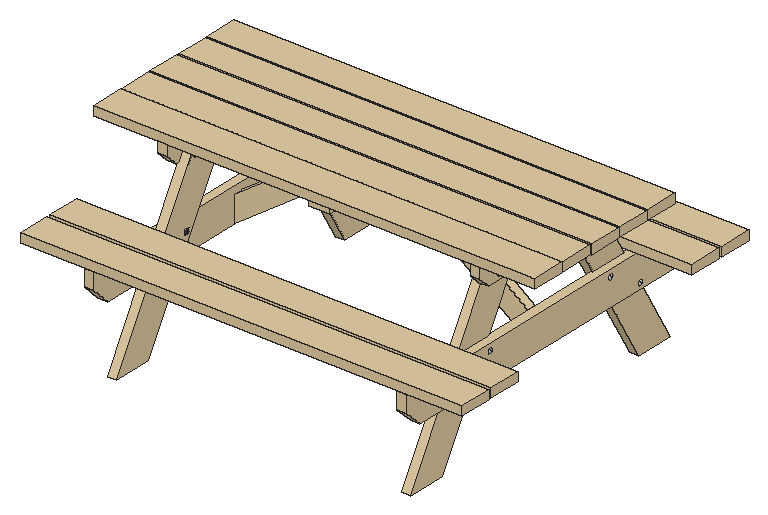
Revit family "Picnic Table", category Site, Revit 2012
Parameters (values of type "6' Picnic Table")
  Mid-Span Support = Length > 72"  # no
  Material = Wood - Dimensional Lumber
  Length = 72"
  Height Table = 30"
  Height Seat = 18"
Types (3): name | Mid-Span Support | Length
  (no name) | no | 72"
  6' Picnic Table | no | 72"
  8' Picnic Table | yes | 96"
Reference planes (in)
  plane 1 "Center (Front/Back)": y = 0
  plane 2: z = 0
  plane 3 "Center (Left/Right)": x = 0
  plane 4: z = 30
  plane 5: z = 18
  plane 6: y = -14.25
  plane 7: y = 14.25
  plane 8: y = -13.25
  plane 9: y = 13.25
  plane 10: x = -36
  plane 11: x = 36
  plane 12: x = -24
  plane 13: x = -25.5
  plane 14: x = 1.75
  plane 15: x = -1.75
  plane 16: x = 24
  plane 17: x = 25.5
Forms (in)
  Extrusion 1, solid, material "Wood - Dimensional Lumber" <- "Material"
    sketch origin (0, 0, 0) x (1, 0, 0) y (0, 0, 1)
      loop
        line (-24, 11) -> (-1.75, 27) -> (-1.75, 28.5) -> (-5.65902, 28.5) -> (-24, 15.31098) -> (-24, 11)
    from -0.75 to 0.75
  Extrusion 2, solid, material "Wood - Dimensional Lumber" <- "Material"
    sketch origin (0, 0, 0) x (-1, 0, 0) y (0, 0, -1)
      loop
        line (-24, -11) -> (-24, -15.31098) -> (-5.65902, -28.5) -> (-1.75, -28.5) -> (-1.75, -27) -> (-24, -11)
    from -0.75 to 0.75
  Extrusion 3, solid, material "Wood - Dimensional Lumber" <- "Material"
    sketch origin (0, 0, 0) x (0, 1, 0) y (0, 0, 1)
      loop
        line (-29.25, 18) -> (-29.25, 16.5) -> (-23.75, 16.5) -> (-23.75, 18) -> (-29.25, 18)
    from -36 to 36
  Extrusion 4, solid, material "Wood - Dimensional Lumber" <- "Material"
    sketch origin (0, 6, 0) x (0, 1, 0) y (0, 0, 1)
      loop
        line (-29.25, 18) -> (-29.25, 16.5) -> (-23.75, 16.5) -> (-23.75, 18) -> (-29.25, 18)
    from -36 to 36
  Extrusion 5, solid, material "Wood - Dimensional Lumber" <- "Material"
    sketch origin (0, 15, 12) x (0, 1, 0) y (0, 0, 1)
      loop
        line (-29.25, 18) -> (-29.25, 16.5) -> (-23.75, 16.5) -> (-23.75, 18) -> (-29.25, 18)
    from -36 to 36
  Extrusion 6, solid, material "Wood - Dimensional Lumber" <- "Material"
    sketch origin (0, 20.75, 12) x (0, 1, 0) y (0, 0, 1)
      loop
        line (-29.25, 18) -> (-29.25, 16.5) -> (-23.75, 16.5) -> (-23.75, 18) -> (-29.25, 18)
    from -36 to 36
  Extrusion 7, solid, material "Wood - Dimensional Lumber" <- "Material"
    sketch origin (0, 26.5, 12) x (0, 1, 0) y (0, 0, 1)
      loop
        line (-29.25, 18) -> (-29.25, 16.5) -> (-23.75, 16.5) -> (-23.75, 18) -> (-29.25, 18)
    from -36 to 36
  Extrusion 8, solid, material "Wood - Dimensional Lumber" <- "Material"
    sketch origin (0, 32.25, 12) x (0, 1, 0) y (0, 0, 1)
      loop
        line (-29.25, 18) -> (-29.25, 16.5) -> (-23.75, 16.5) -> (-23.75, 18) -> (-29.25, 18)
    from -36 to 36
  Extrusion 9, solid, material "Wood - Dimensional Lumber" <- "Material"
    sketch origin (0, 38, 12) x (0, 1, 0) y (0, 0, 1)
      loop
        line (-29.25, 18) -> (-29.25, 16.5) -> (-23.75, 16.5) -> (-23.75, 18) -> (-29.25, 18)
    from -36 to 36
  Extrusion 10, solid, material "Wood - Dimensional Lumber" <- "Material"
    sketch origin (0, 47, 0) x (0, 1, 0) y (0, 0, 1)
      loop
        line (-29.25, 18) -> (-29.25, 16.5) -> (-23.75, 16.5) -> (-23.75, 18) -> (-29.25, 18)
    from -36 to 36
  Extrusion 11, solid, material "Wood - Dimensional Lumber" <- "Material"
    sketch origin (0, 53, 0) x (0, 1, 0) y (0, 0, 1)
      loop
        line (-29.25, 18) -> (-29.25, 16.5) -> (-23.75, 16.5) -> (-23.75, 18) -> (-29.25, 18)
    from -36 to 36
Lines and regions (in)
  model lines
    curve 1: line (0, -3.64915, 28.5) -> (0, -10, 28.5)
Dimensions and locks (in)
  "Height Seat": plane 5 to level
  "Height Table": plane 4 to level
  "Length": plane 11 to plane 10
  equal spacing: plane 11, plane 3 "Center (Left/Right)", plane 10
  plane 15 to plane 12 to plane 13 to plane 10 = 22 1/4" locked, 1 1/2" locked, 10 1/2" locked
  plane 14 to plane 16 to plane 17 to plane 11 = 22 1/4" locked, 1 1/2" locked, 10 1/2" locked
  aligned and locked: plane 2 to level
  aligned and locked: Extrusion 3 to plane 10
  aligned and locked: Extrusion 4 to plane 10
  aligned and locked: Extrusion 5 to plane 10
  aligned and locked: Extrusion 6 to plane 10
  aligned and locked: Extrusion 7 to plane 10
  aligned and locked: Extrusion 8 to plane 10
  aligned and locked: Extrusion 9 to plane 10
  aligned and locked: Extrusion 10 to plane 10
  aligned and locked: Extrusion 11 to plane 10
  aligned and locked: Extrusion 11 to plane 11
  aligned and locked: Extrusion 10 to plane 11
  aligned and locked: Extrusion 9 to plane 11
  aligned and locked: Extrusion 8 to plane 11
  aligned and locked: Extrusion 7 to plane 11
  aligned and locked: Extrusion 6 to plane 11
  aligned and locked: Extrusion 5 to plane 11
  aligned and locked: Extrusion 4 to plane 11
  aligned and locked: Extrusion 3 to plane 11
  aligned and locked: nested 1 to plane 14
  aligned and locked: nested 20 to plane 15
  aligned and locked: plane 15 to Extrusion 1
  aligned and locked: Extrusion 1 to plane 12
  aligned and locked: Extrusion 2 to plane 16
  aligned and locked: plane 13 to nested 18
  aligned and locked: plane 13 to nested 12
  aligned and locked: plane 13 to nested 17
  aligned and locked: plane 13 to nested 15
  aligned and locked: plane 13 to nested 16
  aligned and locked: plane 13 to nested 14
  aligned and locked: plane 13 to nested 19
  aligned and locked: plane 13 to nested 13
  aligned and locked: plane 12 to nested 2
  aligned and locked: nested 3 to plane 17
  aligned and locked: nested 25 to plane 12
  aligned and locked: nested 24 to plane 12
  aligned and locked: plane 12 to nested 23
  aligned and locked: nested 26 to plane 17
  aligned and locked: nested 28 to plane 17
  aligned and locked: plane 17 to nested 27
Automatic sketch dimensions
  curve 1 to plane 4 = 1 1/2"
  plane 8 to curve 1 = 3 1/4"
  plane 1 "Center (Front/Back)" to curve 1 = 3.64915"
  Extrusion 3 sketch curve to plane 5 = 0"
  Extrusion 3 sketch curve to plane 5 = 1 1/2"
  Extrusion 3 sketch curve to plane 6 = 15"
  Extrusion 3 sketch curve to Extrusion 3 sketch curve = 5 1/2"
  Extrusion 4 sketch curve to plane 5 = 0"
  Extrusion 4 sketch curve to plane 5 = 1 1/2"
  Extrusion 4 sketch curve to plane 6 = 9"
  Extrusion 4 sketch curve to plane 6 = 3 1/2"
  Extrusion 5 sketch curve to plane 6 = 0"
  Extrusion 5 sketch curve to plane 4 = 0"
  Extrusion 5 sketch curve to plane 4 = 1 1/2"
  plane 8 to Extrusion 5 sketch curve = 4 1/2"
  Extrusion 6 sketch curve to plane 4 = 0"
  Extrusion 6 sketch curve to plane 4 = 1 1/2"
  plane 8 to Extrusion 6 sketch curve = 4 3/4"
  plane 1 "Center (Front/Back)" to Extrusion 6 sketch curve = 3"
  Extrusion 7 sketch curve to plane 4 = 0"
  plane 1 "Center (Front/Back)" to Extrusion 7 sketch curve = 2 3/4"
  Extrusion 7 sketch curve to plane 1 "Center (Front/Back)" = 2 3/4"
  Extrusion 7 sketch curve to plane 4 = 1 1/2"
  Extrusion 8 sketch curve to plane 4 = 0"
  Extrusion 8 sketch curve to plane 1 "Center (Front/Back)" = 3"
  Extrusion 8 sketch curve to plane 4 = 1 1/2"
  plane 9 to Extrusion 8 sketch curve = 4 3/4"
  Extrusion 9 sketch curve to plane 4 = 0"
  Extrusion 9 sketch curve to plane 7 = 0"
  plane 9 to Extrusion 9 sketch curve = 4 1/2"
  Extrusion 9 sketch curve to plane 4 = 1 1/2"
  Extrusion 10 sketch curve to plane 5 = 0"
  Extrusion 10 sketch curve to plane 5 = 1 1/2"
  plane 7 to Extrusion 10 sketch curve = 3 1/2"
  Extrusion 10 sketch curve to Extrusion 10 sketch curve = 5 1/2"
  Extrusion 11 sketch curve to plane 5 = 0"
  Extrusion 11 sketch curve to plane 5 = 1 1/2"
  plane 7 to Extrusion 11 sketch curve = 9 1/2"
  Extrusion 11 sketch curve to Extrusion 11 sketch curve = 5 1/2"
  Extrusion 1 sketch curve to plane 12 = 0"
  Extrusion 1 sketch curve to plane 15 = 0"
  Extrusion 1 sketch curve to plane 4 = 1 1/2"
  Extrusion 1 sketch curve to plane 15 = 3.90902"
  Extrusion 1 sketch curve to Extrusion 1 sketch curve = 1 1/2"
  Extrusion 1 sketch curve to plane 5 = 2.68902"
  Extrusion 1 sketch curve to Extrusion 1 sketch curve = 4.31098"
  plane 16 to Extrusion 2 sketch curve = 0"
  plane 14 to Extrusion 2 sketch curve = 0"
  plane 4 to Extrusion 2 sketch curve = 1 1/2"
  plane 14 to Extrusion 2 sketch curve = 3.90902"
  Extrusion 2 sketch curve to Extrusion 2 sketch curve = 1 1/2"
  plane 5 to Extrusion 2 sketch curve = 2.68902"
  Extrusion 2 sketch curve to Extrusion 2 sketch curve = 4.31098"
Nested families (in)
  nested 1: "Dimension Lumber" at (0, 0, 27.75) x (0, -1, 0) z (1, 0, 0), Beam Material <- "Material", type "2x4"
    with Start Extension Calculation 119", Start Extension -1", built-in parameter 1001375 60", End Extension Calculation 119", End Extension -1", Beam Material Wood - Dimensional Lumber, A 0.0364583 SF, d 3 1/2"
  nested 2: "Picnic Table Bench Support" at (-49.5, 0, 0), type "Picnic Table Bench Support"
  nested 3: "Picnic Table Bench Support" at (51, 0, 0) x (-1, 0, 0) z (0, 0, 1), type "Picnic Table Bench Support"
  nested 4: "Carriage Bolt Assembly" at (27, 12.55045, 15.21273) x (0, -0.6428, 0.766) z (1, 0, 0), type "3/8"Ø Carriage Bolt"
    with Grip 2.58888", Bolt Material Metal - Galvanized, LH 3.474", L 3 1/4"
  nested 5: "Carriage Bolt Assembly" at (27, 18.61262, 11.71273) x (0, -0.6428, 0.766) z (1, 0, 0), type "3/8"Ø Carriage Bolt"
    with Grip 2.58888", Bolt Material Metal - Galvanized, LH 3.474", L 3 1/4"
  nested 6: "Carriage Bolt Assembly" at (27, 5.62224, 27.21273) x (0, -0.6428, 0.766) z (1, 0, 0), type "3/8"Ø Carriage Bolt"
    with Grip 2.58888", Bolt Material Metal - Galvanized, LH 3.474", L 3 1/4"
  nested 7: "Carriage Bolt Assembly" at (27, 10.52972, 25.71273) x (0, -0.6428, 0.766) z (1, 0, 0), type "3/8"Ø Carriage Bolt"
    with Grip 2.58888", Bolt Material Metal - Galvanized, LH 3.474", L 3 1/4"
  nested 8: "Carriage Bolt Assembly" at (27, -5.14015, 27.21273) x (0, -0.6428, 0.766) z (1, 0, 0), type "3/8"Ø Carriage Bolt"
    with Grip 2.58888", Bolt Material Metal - Galvanized, LH 3.474", L 3 1/4"
  nested 9: "Carriage Bolt Assembly" at (27, -10.04763, 25.71273) x (0, -0.6428, 0.766) z (1, 0, 0), type "3/8"Ø Carriage Bolt"
    with Grip 2.58888", Bolt Material Metal - Galvanized, LH 3.474", L 3 1/4"
  nested 10: "Carriage Bolt Assembly" at (27, -12.06836, 15.21273) x (0, -0.6428, 0.766) z (1, 0, 0), type "3/8"Ø Carriage Bolt"
    with Grip 2.58888", Bolt Material Metal - Galvanized, LH 3.474", L 3 1/4"
  nested 11: "Carriage Bolt Assembly" at (27, -18.13053, 11.71273) x (0, -0.6428, 0.766) z (1, 0, 0), type "3/8"Ø Carriage Bolt"
    with Grip 2.58888", Bolt Material Metal - Galvanized, LH 3.474", L 3 1/4"
  nested 12: "Carriage Bolt Assembly" at (-25.5, 12.55045, 15.21273) x (0, -0.6428, 0.766) z (-1, 0, 0), type "3/8"Ø Carriage Bolt"
    with Grip 2.58888", Bolt Material Metal - Galvanized, LH 3.474", L 3 1/4"
  nested 13: "Carriage Bolt Assembly" at (-25.5, 18.61262, 11.71273) x (0, -0.6428, 0.766) z (-1, 0, 0), type "3/8"Ø Carriage Bolt"
    with Grip 2.58888", Bolt Material Metal - Galvanized, LH 3.474", L 3 1/4"
  nested 14: "Carriage Bolt Assembly" at (-25.5, 5.62224, 27.21273) x (0, -0.6428, 0.766) z (-1, 0, 0), type "3/8"Ø Carriage Bolt"
    with Grip 2.58888", Bolt Material Metal - Galvanized, LH 3.474", L 3 1/4"
  nested 15: "Carriage Bolt Assembly" at (-25.5, 10.52972, 25.71273) x (0, -0.6428, 0.766) z (-1, 0, 0), type "3/8"Ø Carriage Bolt"
    with Grip 2.58888", Bolt Material Metal - Galvanized, LH 3.474", L 3 1/4"
  nested 16: "Carriage Bolt Assembly" at (-25.5, -5.14015, 27.21273) x (0, -0.6428, 0.766) z (-1, 0, 0), type "3/8"Ø Carriage Bolt"
    with Grip 2.58888", Bolt Material Metal - Galvanized, LH 3.474", L 3 1/4"
  nested 17: "Carriage Bolt Assembly" at (-25.5, -10.04763, 25.71273) x (0, -0.6428, 0.766) z (-1, 0, 0), type "3/8"Ø Carriage Bolt"
    with Grip 2.58888", Bolt Material Metal - Galvanized, LH 3.474", L 3 1/4"
  nested 18: "Carriage Bolt Assembly" at (-25.5, -12.06836, 15.21273) x (0, -0.6428, 0.766) z (-1, 0, 0), type "3/8"Ø Carriage Bolt"
    with Grip 2.58888", Bolt Material Metal - Galvanized, LH 3.474", L 3 1/4"
  nested 19: "Carriage Bolt Assembly" at (-25.5, -18.13053, 11.71273) x (0, -0.6428, 0.766) z (-1, 0, 0), type "3/8"Ø Carriage Bolt"
    with Grip 2.58888", Bolt Material Metal - Galvanized, LH 3.474", L 3 1/4"
  nested 20: "Dimension Lumber" at (0, 0, 27.75) x (0, -1, 0) z (1, 0, 0), Beam Material <- "Material", type "2x4"
    with Start Extension Calculation 119", Start Extension -1", built-in parameter 1001375 60", End Extension Calculation 119", End Extension -1", Beam Material Wood - Dimensional Lumber, A 0.0364583 SF, d 3 1/2"
  nested 21: "Dimension Lumber" at (0, -23.5, 15.75) x (0, -1, 0) z (1, 0, 0), Beam Material <- "Material", visible <- "Mid-Span Support", type "2x4"
    with Start Extension Calculation 119 1/2", Start Extension -1/2", built-in parameter 1001375 60", End Extension Calculation 119 1/2", End Extension -1/2", Beam Material Wood - Dimensional Lumber, A 0.0364583 SF, d 3 1/2"
  nested 22: "Dimension Lumber" at (0, 23.5, 15.75) x (0, 1, 0) z (-1, 0, 0), Beam Material <- "Material", visible <- "Mid-Span Support", type "2x4"
    with Start Extension Calculation 119 1/2", Start Extension -1/2", built-in parameter 1001375 60", End Extension Calculation 119 1/2", End Extension -1/2", Beam Material Wood - Dimensional Lumber, A 0.0364583 SF, d 3 1/2"
  nested 23: "Picnic Table Table Support" at (0, 0, 0), type "Picnic Table Table Support"
  nested 24: "Picnic Table Leg" at (0, 0, 0), type "Picnic Table Leg"
  nested 25: "Picnic Table Leg" at (0, 0, 0), type "Picnic Table Leg"
  nested 26: "Picnic Table Table Support" at (1.5, 0, 0) x (-1, 0, 0) z (0, 0, 1), type "Picnic Table Table Support"
  nested 27: "Picnic Table Leg" at (1.5, 0, 0) x (-1, 0, 0) z (0, 0, 1), type "Picnic Table Leg"
  nested 28: "Picnic Table Leg" at (1.5, 0, 0) x (-1, 0, 0) z (0, 0, 1), type "Picnic Table Leg"
Definition of nested family "Dimension Lumber"
  Parameters (values of type "2x10")
    Start Extension Calculation [instance] = 120" + Start Extension  # 120"
    Start Extension [instance] = 0"
    End Extension Calculation [instance] = 120" + End Extension  # 120"
    End Extension [instance] = 0"
    Beam Material [instance] = Wood - Dimensional Lumber
    A = 0.0963889 SF
    Assembly Code = "B10"
    Length [instance] = 60"
    b = 1 1/2"
    d = 9 1/4"
  Types (2): name | A | d
    2x10 | 0.0963889 SF | 9 1/4"
    2x12 | 0.117222 SF | 11 1/4"
  Reference planes (in)
    plane 1 "Center (Front/Back)": y = 0
    plane 2: z = 0
    plane 3 "Center (Left/Right)": x = 0.1815
    plane 4 "Member Left": x = -23.8185
    plane 5 "Member Right": x = 24.1815
    plane 6: y = 0.75
    plane 7: y = -0.75
    plane 8: z = 4.625
    plane 9: z = -4.625
    plane 10 "Left": x = -29.8185
    plane 11 "Stick Symbol Left": x = -17.8185
    plane 12 "Stick Symbol Right": x = 18.1815
    plane 13 "Right": x = 30.1815
    plane 14: x = -23.8185
    plane 15: x = 24.1815
    plane 16: x = 96.1815
    plane 17: x = -95.8185
  Forms (in)
    Sweep 1, solid, material "Wood - Dimensional Lumber" <- "Beam Material", detail levels medium+fine
      path origin (0, 0, 0) x (1, 0, 0) y (0, 1, 0)
        loop
          line (24.1815, 0) -> (-23.8185, 0)
      profile "Rectangular Wood Beam-Profile : Rectangular Wood Beam-Profile" origin (0.1815, 0, 0) x (0, -1, 0) y (0, 0, 1)
        loop
          line (-0.75, -4.625) -> (0.75, -4.625) -> (0.75, 4.625) -> (-0.75, 4.625) -> (-0.75, -4.625)
  Lines and regions (in)
    symbolic lines, style "Stick Symbols", detail levels coarse
      curve 1: line (0.1815, 0.75, 4.625) -> (0.1815, -0.75, 4.625)
      curve 2: line (0.1815, -0.75, -4.625) -> (0.1815, 0.75, -4.625)
      curve 3: line (0.1815, -0.75, 4.625) -> (0.1815, -0.75, -4.625)
      curve 4: line (0.1815, 0.75, -4.625) -> (0.1815, 0.75, 4.625)
  Dimensions and locks (in)
    "b": plane 6 to plane 7
    "d": plane 9 to plane 8
    equal spacing: plane 9, plane 2, plane 8
    equal spacing: plane 6, plane 1 "Center (Front/Back)", plane 7
    "Length": plane 10 "Left" to plane 13 "Right"
    locked: plane 4 "Member Left" to plane 16 at 120
    locked: plane 17 to plane 5 "Member Right" at 120
    "Start Extension Calculation": plane 14 to plane 16
    "End Extension Calculation": plane 17 to plane 15
    aligned and locked: Sweep 1 sketch curve to plane 1 "Center (Front/Back)"
    aligned and locked: curve 1 to Sweep 1
    aligned and locked: curve 2 to Sweep 1
    aligned and locked: curve 3 to Sweep 1
    aligned and locked: curve 4 to Sweep 1
    aligned and locked: plane 14 to Sweep 1 sketch curve
    aligned and locked: plane 15 to Sweep 1 sketch curve
Definition of nested family "Picnic Table Bench Support"
  Parameters (values of type "Picnic Table Bench Support")
    Material = Wood - Dimensional Lumber
    Height Table = 30"
    Height Seat = 18"
  Reference planes (in)
    plane 1 "Center (Front/Back)": y = 0
    plane 2: z = 0
    plane 3 "Center (Left/Right)": x = 0
    plane 4: z = 30
    plane 5: z = 18
    plane 6: x = -36
    plane 7: x = 36
    plane 8: y = -14.25
    plane 9: y = 14.25
  Forms (in)
    Extrusion 1, solid, material "Wood - Dimensional Lumber" <- "Material"
      sketch origin (24, 0, 0) x (0, 1, 0) y (0, 0, 1)
        loop
          line (-26.5, 11) -> (25.97268, 11) -> (29.25, 13.75) -> (29.25, 16.5) -> (-29.25, 16.5) -> (-29.25, 13.75) -> (-26.5, 11)
      from 0 to 1.5
    Extrusion 2, void
      sketch origin (25.5, 3.19692, 1.63928) x (0, -1, 0) y (0, 0, 1)
        loop
          circle (15.50632, 13.86072) r 0.21875
      from 0 to 1.5
    Extrusion 3, void
      sketch origin (25.5, -3.85234, 1.50937) x (0, -1, 0) y (0, 0, 1)
        loop
          circle (-16.16174, 13.99063) r 0.21875
      from 0 to 1.5
    Extrusion 4, void
      sketch origin (25.5, -2.86526, -1.86072) x (0, -1, 0) y (0, 0, 1)
        loop
          circle (15.50632, 13.86072) r 0.21875
      from 0 to 1.5
    Extrusion 5, void
      sketch origin (25.5, 2.86526, -1.86072) x (0, 1, 0) y (0, 0, -1)
        loop
          circle (15.50632, -13.86072) r 0.21875
      from 0 to 1.5
  Cuts and joins
    Extrusion 2, Extrusion 3, Extrusion 4, Extrusion 5 cuts Extrusion 1
  Dimensions and locks (in)
    "Height Seat": plane 5 to level
    "Height Table": plane 4 to level
    plane 7 to plane 6 = 72"
    equal spacing: plane 7, plane 3 "Center (Left/Right)", plane 6
    aligned and locked: plane 2 to level
  Automatic sketch dimensions
    Extrusion 1 sketch curve to plane 5 = 4 1/4"  (x2)
    Extrusion 1 sketch curve to plane 8 = 15"
    Extrusion 1 sketch curve to Extrusion 1 sketch curve = 2 3/4"
    plane 9 to Extrusion 1 sketch curve = 11.72268"
    Extrusion 1 sketch curve to Extrusion 1 sketch curve = 3.27732"
    Extrusion 1 sketch curve to plane 5 = 7"
    Extrusion 1 sketch curve to plane 5 = 1 1/2"
    Extrusion 1 to Extrusion 2 sketch curve = 1"
    Extrusion 1 to Extrusion 2 sketch curve = 16.9406"
    Extrusion 1 to Extrusion 3 sketch curve = 1"
    Extrusion 1 to Extrusion 3 sketch curve = 16.9406"
    Extrusion 1 to Extrusion 4 sketch curve = 1"
    Extrusion 1 to Extrusion 4 sketch curve = 10.87842"
    Extrusion 1 to Extrusion 5 sketch curve = 1"
    Extrusion 1 to Extrusion 5 sketch curve = 10.87842"
    radius of Extrusion 2 sketch curve = 7/32"
    radius of Extrusion 3 sketch curve = 7/32"
    radius of Extrusion 4 sketch curve = 7/32"
    radius of Extrusion 5 sketch curve = 7/32"
Definition of nested family "Carriage Bolt Assembly"
  Parameters (values of type "A325 1/2"Ø BOLT")
    WC = 0.083"
    WB = 1"
    NH = 0.328"
    HD/2 = HD / 2  # 0.422"
    HD = 0.844"
    Bolt Material [instance] = none
    Bolt Diameter = 3/8"
    LH = L + H + 0.016"  # 1.224"
    L = 1"
    H = 0.208"
    Grip [instance] = 3/8"
    F/2 = F / 2  # 0.2815"
    D = 0.388"
    F = 0.563"
    C/2 = C / 2  # 0.32505"
    C = (F / 2) / cos(30.00°) * 2  # 0.6501"
    Assembly Code = ""
    D/2 = D * 0.5  # 0.194"
    WA = 0.438"
  Reference planes (in)
    plane 1 "Center (Front/Back)": y = 0
    plane 2: z = 0
    plane 3 "Center (Left/Right)": x = 0.375
    plane 4: x = 0.181
    plane 5: x = 0.569
    plane 6: x = 0.0935
    plane 7: x = 0.6565
    plane 8: through (0.375, 0, 48) normal (0.5, -0.866, 0)
    plane 9: through (0.375, 0, 48) normal (0.5, 0.866, 0)
    plane 10: y = -0.32505
    plane 11: y = 0.32505
    plane 12: y = 0.42505
    plane 13: z = 0.224
    plane 14: z = -1
    plane 15: z = -0.375
  Dimensions and locks (in)
    "D": plane 4 to plane 5
    "F": plane 6 to plane 7
    equal spacing: plane 6, plane 3 "Center (Left/Right)", plane 7
    equal spacing: plane 4, plane 3 "Center (Left/Right)", plane 5
    "C": plane 10 to plane 11
    equal spacing: plane 10, plane 1 "Center (Front/Back)", plane 11
    locked: plane 11 to plane 12 at 0.1
    "LH": plane 13 to plane 14
    "L": plane 2 to plane 14
    "Grip": plane 2 to plane 15
    aligned and locked: plane 2 to level
    aligned and locked: plane 15 to nested 1
    aligned and locked: plane 3 "Center (Left/Right)" to nested 2
    aligned and locked: plane 1 "Center (Front/Back)" to nested 2
    aligned and locked: nested 2 to nested 1
    aligned and locked: plane 3 "Center (Left/Right)" to nested 3
    aligned and locked: plane 1 "Center (Front/Back)" to nested 3
    aligned and locked: plane 2 to nested 3
  Nested families (in)
    nested 1: "Washer" at (0, 0, -0.458), Washer Material <- "Bolt Material", type "3/4"Ø Washer"
      with Washer Material none, WC 0.083", WB/2 1/2", WB 1", WA/2 0.219", WA 0.438"
    nested 2: "Hex Nut" at (0.375, 0.375, -0.458) x (0, -1, 0) z (0, 0, -1), Nut Material <- "Bolt Material", type "3/4"Ø Nut"
      with Nut Material none, Nut Diameter 3/8", NH 0.328", NF/2 0.2815", NF 0.563", ND/2 0.194", ND 0.388", NC/2 0.32505", NC 0.6501"
    nested 3: "Carriage Bolt" at (0, 0, 0), Bolt Material <- "Bolt Material", type "A325 3/4"Ø BOLT"
  Definition of nested family "Washer"
    Parameters (values of type "3/4"Ø Washer")
      Washer Material [instance] = none
      Washer Diameter = 3/4"
      WC = 0.148"
      WB/2 = WB / 2  # 1"
      WB = 2"
      WA/2 = WA / 2  # 0.4065"
      WA = 0.813"
      Assembly Code = ""
    Types (5): name | Washer Diameter | WC | WB/2 | WB | WA/2 | WA
      3/4"Ø Washer | 3/4" | 0.148" | 1" | 2" | 0.4065" | 0.813"
      1/2"Ø Washer | 1/2" | 0.109" | 11/16" | 1 3/8" | 0.2815" | 0.563"
      3/8"Ø Washer | 3/8" | 0.083" | 1/2" | 1" | 0.219" | 0.438"
      1"Ø Washer | 1" | 0.165" | 1 1/4" | 2 1/2" | 0.5315" | 1.063"
      7/8"Ø Washer | 7/8" | 0.165" | 1 1/8" | 2 1/4" | 0.469" | 0.938"
    Reference planes (in)
      plane 1 "Center (Front/Back)": y = 0
      plane 2: z = 0
      plane 3 "Center (Left/Right)": x = 0.375
      plane 4: x = -0.625
      plane 5: x = 1.375
      plane 6: x = -0.0315
      plane 7: x = 0.7815
      plane 8: z = 0.148
    Forms (in)
      Extrusion 1, solid, material <- "Washer Material"
        sketch origin (0, 0, 0) x (1, 0, 0) y (0, 1, 0)
          loop
            circle (0.375, 0) r 1
          loop
            circle (0.375, 0) r 0.4065
        from 0 to 0.148 <- "WC"
    Dimensions and locks (in)
      "WB": plane 4 to plane 5
      "WA": plane 6 to plane 7
      equal spacing: plane 6, plane 3 "Center (Left/Right)", plane 7
      equal spacing: plane 4, plane 3 "Center (Left/Right)", plane 5
      "WC": plane 8 to plane 2
      "WA/2": radius of Extrusion 1 sketch curve
      "WB/2": radius of Extrusion 1 sketch curve
      aligned and locked: plane 2 to level
    Automatic sketch dimensions
      Extrusion 1 sketch curve to Extrusion 1 sketch curve = 0"  (x2)
      plane 1 "Center (Front/Back)" to Extrusion 1 sketch curve = 0"
      Extrusion 1 sketch curve to plane 3 "Center (Left/Right)" = 0"
  Definition of nested family "Hex Nut"
    Parameters (values of type "3/4"Ø Nut")
      Nut Material [instance] = none
      Nut Diameter = 3/4"
      NH = 0.734"
      NF/2 = NF / 2  # 5/8"
      NF = 1 1/4"
      ND/2 = ND * 0.5  # 0.384"
      ND = 0.768"
      NC/2 = NC / 2  # 0.72169"
      NC = (NF / 2) / cos(30.00°) * 2  # 1.44338"
      Assembly Code = ""
    Reference planes (in)
      plane 1 "Center (Front/Back)": y = 0
      plane 2: z = 0
      plane 3 "Center (Left/Right)": x = 0.375
      plane 4: x = -0.009
      plane 5: x = 0.759
      plane 6: x = -0.25
      plane 7: x = 1
      plane 8: through (0.375, 0, 48) normal (0.5, -0.866, 0)
      plane 9: through (0.375, 0, 48) normal (0.5, 0.866, 0)
      plane 10: z = 0.734
      plane 11: y = 0.72169
      plane 12: y = -0.72169
    Forms (in)
      Extrusion 1, solid, material <- "Nut Material"
        sketch origin (0, 0, 0.016) x (1, 0, 0) y (0, 1, 0)
          loop
            line (-0.25, -0.36084) -> (0.375, -0.72169) -> (1, -0.36084) -> (1, 0.36084) -> (0.375, 0.72169) -> (-0.25, 0.36084) -> (-0.25, -0.36084)
          loop
            circle (0.375, 0) r 0.384
        from -0.016 to 0.718
      Revolve 2, void
        sketch origin (0.375, 0, 0) x (0, 1, 0) y (0, 0, 1)
          loop
            line (0.72169, 0) -> (0.72169, 0.1)
            arc (0.72169, 0.1) -> (0.6924, 0.02929) -> (0.62169, 0) r 0.1
            line (0.62169, 0) -> (0.72169, 0)
          axis (0, 0) -> (0, 0.1)
        angle from 0 to 360
      Revolve 3, void
        sketch origin (0.375, 0, 0) x (0, 1, 0) y (0, 0, 1)
          loop
            arc (0.62169, 0.734) -> (0.6924, 0.70471) -> (0.72169, 0.634) r 0.1
            line (0.72169, 0.634) -> (0.72169, 0.734) -> (0.62169, 0.734)
          axis (0, 0.634) -> (0, 0.734)
        angle from 0 to 360
    Cuts and joins
      Revolve 2, Revolve 3 cuts Extrusion 1
    Dimensions and locks (in)
      "ND": plane 4 to plane 5
      "NF": plane 6 to plane 7
      equal spacing: plane 6, plane 3 "Center (Left/Right)", plane 7
      equal spacing: plane 4, plane 3 "Center (Left/Right)", plane 5
      "NC/2": plane 1 "Center (Front/Back)" to plane 11
      "NC/2": plane 12 to plane 1 "Center (Front/Back)"
      "NC/2": Revolve 2 sketch curve to Revolve 2 sketch curve
      "NC/2": Revolve 3 sketch curve to Revolve 3 sketch curve
      "NH": plane 10 to level
      "ND/2": radius of Extrusion 1 sketch curve
      radius of Revolve 2 sketch curve = 0.1"
      radius of Revolve 3 sketch curve = 0.1"
      locked: Extrusion 1 sketch curve to Extrusion 1 sketch curve (angle 120.00°)  (x3)
      aligned and locked: plane 2 to level
      aligned and locked: plane 10 to Extrusion 1
      aligned and locked: Extrusion 1 to plane 10
      aligned and locked: Revolve 2 sketch curve to plane 1 "Center (Front/Back)"
      aligned and locked: level to Revolve 2 sketch curve
      aligned and locked: Revolve 3 sketch curve to plane 1 "Center (Front/Back)"
      aligned and locked: Revolve 3 sketch curve to plane 10
    Automatic sketch dimensions
      Extrusion 1 sketch curve to plane 6 = 0"
      Extrusion 1 sketch curve to plane 3 "Center (Left/Right)" = 0"  (x3)
      plane 1 "Center (Front/Back)" to Extrusion 1 sketch curve = 0"
      plane 9 to Extrusion 1 sketch curve = 0"
      plane 8 to Extrusion 1 sketch curve = 0"  (x2)
      Extrusion 1 sketch curve to plane 9 = 0"
      Revolve 2 sketch curve to level = 24"
      plane 10 to Revolve 2 sketch curve = 91.50186"
      Revolve 3 sketch curve to level = 24"
      plane 10 to Revolve 3 sketch curve = 91.50186"
  Definition of nested family "Carriage Bolt"
    Parameters (values of type "A325 3/4"Ø BOLT")
      Bolt Material [instance] = none
      Bolt Diameter = 3/8"
      LH = L + H  # 1.208"
      L = 1"
      H = 0.208"
      D = 0.388"
      C/2 = C / 2  # 0.422"
      C = 0.844"
      Assembly Code = ""
      D/2 = D * 0.5  # 0.194"
    Reference planes (in)
      plane 1 "Center (Front/Back)": y = 0
      plane 2: z = 0
      plane 3 "Center (Left/Right)": x = 0.375
      plane 4: x = 0.181
      plane 5: x = 0.569
      plane 6: z = 0.208
      plane 7: z = -1
    Forms (in)
      Extrusion 1, solid, material <- "Bolt Material"
        sketch origin (-1.875, -180, 0.758) x (-1, 0, 0) y (0, -1, 0)
          loop
            circle (-2.25, -180) r 0.194
        from -0.758 to -1.758
      Revolve 2, void
        sketch origin (0, 0, 0) x (1, 0, 0) y (0, 0, 1)
          loop
            line (0.181, -1) -> (0.231, -1) -> (0.181, -0.95) -> (0.181, -1)
          axis (0.375, -0.95) -> (0.375, -1)
        angle from 0 to 360
      Revolve 3, solid, material <- "Bolt Material"
        sketch origin (0, 0, 0) x (1, 0, 0) y (0, 0, 1)
          loop
            line (0.375, 0) -> (0.797, 0)
            arc (0.797, 0) -> (0.61199, 0.15674) -> (0.375, 0.208) r 0.5
            line (0.375, 0.208) -> (0.375, 0)
          axis (0.375, 0.208) -> (0.375, 0)
        angle from 0 to 360
    Cuts and joins
      Revolve 2 cuts Extrusion 1
    Dimensions and locks (in)
      "D": plane 4 to plane 5
      equal spacing: plane 4, plane 3 "Center (Left/Right)", plane 5
      "LH": plane 6 to plane 7
      "L": level to plane 7
      "C/2": Revolve 3 sketch curve to Revolve 3 sketch curve
      "D/2": radius of Extrusion 1 sketch curve
      radius of Revolve 3 sketch curve = 1/2"
      aligned and locked: plane 2 to level
      aligned and locked: Extrusion 1 to plane 7
      aligned and locked: Revolve 2 sketch curve to plane 3 "Center (Left/Right)"
      aligned and locked: plane 2 to cut or joined group of Extrusion 1, Revolve 2
      aligned and locked: plane 3 "Center (Left/Right)" to Revolve 3 sketch curve
      aligned and locked: plane 6 to Revolve 3 sketch curve
    Automatic sketch dimensions
      plane 1 "Center (Front/Back)" to Extrusion 1 sketch curve = 0"
      Extrusion 1 sketch curve to plane 3 "Center (Left/Right)" = 0"
      Revolve 2 sketch curve to plane 4 = 0"
      Revolve 2 sketch curve to plane 7 = 0"
      Revolve 2 sketch curve to Revolve 2 sketch curve = 0.05"
      Revolve 2 sketch curve to plane 7 = 22 1/4"
      plane 7 to Revolve 2 sketch curve = 0.05"
      plane 6 to Revolve 2 sketch curve = 102.20282"
      Revolve 3 sketch curve to plane 3 "Center (Left/Right)" = 0"
      Revolve 3 sketch curve to level = 0"
      Revolve 3 sketch curve to plane 7 = 23"
      plane 6 to Revolve 3 sketch curve = 102.45282"
Definition of nested family "Picnic Table Table Support"
  Parameters (values of type "Picnic Table Table Support")
    Material = Wood - Dimensional Lumber
    Height Table = 30"
    Height Seat = 18"
  Reference planes (in)
    plane 1 "Center (Front/Back)": y = 0
    plane 2: z = 0
    plane 3 "Center (Left/Right)": x = 0
    plane 4: z = 30
    plane 5: z = 18
    plane 6: x = -36
    plane 7: x = 36
    plane 8: y = -14.25
    plane 9: y = 14.25
  Forms (in)
    Extrusion 1, solid, material "Wood - Dimensional Lumber" <- "Material"
      sketch origin (-24, 0, 12) x (0, 1, 0) y (0, 0, -1)
        loop
          line (-14.25, -16.5) -> (14.25, -16.5) -> (14.25, -14.75) -> (12.5, -13) -> (-12.5, -13) -> (-14.25, -14.75) -> (-14.25, -16.5)
      from 0 to 1.5
    Extrusion 2, void
      sketch origin (-48, 2.45374, 0.75) x (0, 1, 0) y (0, 0, 1)
        loop
          circle (-7.83494, 26.75) r 0.21875
      from 22.5 to 24
    Extrusion 3, void
      sketch origin (-48, -2.45374, -0.75) x (0, 1, 0) y (0, 0, 1)
        loop
          circle (-7.83494, 26.75) r 0.21875
      from 22.5 to 24
    Extrusion 4, void
      sketch origin (-48, -2.45374, 0.75) x (0, -1, 0) y (0, 0, -1)
        loop
          circle (-7.83494, -26.75) r 0.21875
      from 22.5 to 24
    Extrusion 5, void
      sketch origin (-48, 2.45374, -0.75) x (0, -1, 0) y (0, 0, -1)
        loop
          circle (-7.83494, -26.75) r 0.21875
      from 22.5 to 24
  Cuts and joins
    Extrusion 2, Extrusion 3, Extrusion 4, Extrusion 5 cuts Extrusion 1
  Dimensions and locks (in)
    "Height Seat": plane 5 to level
    "Height Table": plane 4 to level
    plane 7 to plane 6 = 72"
    equal spacing: plane 7, plane 3 "Center (Left/Right)", plane 6
    aligned and locked: plane 2 to level
  Automatic sketch dimensions
    Extrusion 1 sketch curve to plane 8 = 0"
    Extrusion 1 sketch curve to plane 9 = 0"
    plane 8 to Extrusion 1 sketch curve = 1 3/4"
    Extrusion 1 sketch curve to plane 9 = 1 3/4"
    Extrusion 1 sketch curve to plane 4 = 1 1/2"
    Extrusion 1 sketch curve to Extrusion 1 sketch curve = 1 3/4"  (x3)
    Extrusion 2 sketch curve to plane 4 = 2 1/2"
    plane 1 "Center (Front/Back)" to Extrusion 2 sketch curve = 5.3812"
    plane 8 to Extrusion 3 sketch curve = 3.96132"
    Extrusion 3 sketch curve to plane 4 = 4"
    Extrusion 4 sketch curve to plane 4 = 2 1/2"
    Extrusion 4 sketch curve to plane 1 "Center (Front/Back)" = 5.3812"
    Extrusion 5 sketch curve to plane 9 = 3.96132"
    Extrusion 5 sketch curve to plane 4 = 4"
    radius of Extrusion 2 sketch curve = 7/32"
    radius of Extrusion 3 sketch curve = 7/32"
    radius of Extrusion 4 sketch curve = 7/32"
    radius of Extrusion 5 sketch curve = 7/32"
Definition of nested family "Picnic Table Leg"
  Parameters (values of type "Picnic Table Leg")
    Material = Wood - Dimensional Lumber
    Height Table = 30"
    Height Seat = 18"
  Reference planes (in)
    plane 1 "Center (Front/Back)": y = 0
    plane 2: z = 0
    plane 3 "Center (Left/Right)": x = 0
    plane 4: z = 30
    plane 5: z = 18
    plane 6: x = -36
    plane 7: x = 36
    plane 8: y = -14.25
    plane 9: y = 14.25
  Forms (in)
    Extrusion 1, solid, material "Wood - Dimensional Lumber" <- "Material"
      sketch origin (-22.5, 0, 0) x (0, -1, 0) y (0, 0, 1)
        loop
          line (-10, 28.5) -> (-26.45448, 0) -> (-20.10363, 0) -> (-3.64915, 28.5) -> (-10, 28.5)
      from 0 to 1.5
    Extrusion 2, void
      sketch origin (-0.10397, 26.20652, -14.75) x (0, 1, 0) y (0, 0, -1)
        loop
          circle (-7.83494, -26.75) r 0.5625
      from 22.39603 to 22.80715
    Extrusion 3, void
      sketch origin (-0.10397, 20.14434, -11.25) x (0, 1, 0) y (0, 0, -1)
        loop
          circle (-7.83494, -26.75) r 0.5625
      from 22.39603 to 22.80715
    Extrusion 4, void
      sketch origin (-0.10397, 18.12361, -0.75) x (0, 1, 0) y (0, 0, -1)
        loop
          circle (-7.83494, -26.75) r 0.5625
      from 22.39603 to 22.80715
    Extrusion 5, void
      sketch origin (-0.10397, 13.21613, 0.75) x (0, 1, 0) y (0, 0, -1)
        loop
          circle (-7.83494, -26.75) r 0.5625
      from 22.39603 to 22.80715
    Extrusion 6, void
      sketch origin (0, 18.12361, -0.75) x (0, 1, 0) y (0, 0, -1)
        loop
          circle (-7.83494, -26.75) r 0.21875
      from 22.91112 to 24
    Extrusion 7, void
      sketch origin (0, 13.21613, 0.75) x (0, 1, 0) y (0, 0, -1)
        loop
          circle (-7.83494, -26.75) r 0.21875
      from 22.91112 to 24
    Extrusion 8, void
      sketch origin (0, 20.14434, -11.25) x (0, 1, 0) y (0, 0, -1)
        loop
          circle (-7.83494, -26.75) r 0.21875
      from 22.91112 to 24
    Extrusion 9, void
      sketch origin (0, 26.20652, -14.75) x (0, 1, 0) y (0, 0, -1)
        loop
          circle (-7.83494, -26.75) r 0.21875
      from 22.91112 to 24
  Cuts and joins
    Extrusion 2, Extrusion 3, Extrusion 4, Extrusion 5, Extrusion 6, Extrusion 7, Extrusion 8, Extrusion 9 cuts Extrusion 1
  Dimensions and locks (in)
    "Height Seat": plane 5 to level
    "Height Table": plane 4 to level
    plane 7 to plane 6 = 72"
    equal spacing: plane 7, plane 3 "Center (Left/Right)", plane 6
    aligned and locked: plane 2 to level
  Automatic sketch dimensions
    Extrusion 1 sketch curve to level = 0"
    plane 9 to Extrusion 1 sketch curve = 12.20448"
    plane 9 to Extrusion 1 sketch curve = 5.85363"
    Extrusion 1 sketch curve to plane 4 = 1 1/2"
    Extrusion 1 sketch curve to plane 9 = 4 1/4"
    Extrusion 1 sketch curve to plane 1 "Center (Front/Back)" = 3.64915"
    plane 9 to Extrusion 2 sketch curve = 4.12158"
    Extrusion 2 sketch curve to plane 5 = 6"
    Extrusion 3 sketch curve to plane 9 = 1.9406"
    Extrusion 3 sketch curve to plane 5 = 2 1/2"
    Extrusion 4 sketch curve to plane 9 = 3.96132"
    Extrusion 4 sketch curve to plane 4 = 4"
    Extrusion 5 sketch curve to plane 4 = 2 1/2"
    Extrusion 5 sketch curve to plane 1 "Center (Front/Back)" = 5.3812"
    Extrusion 6 sketch curve to plane 9 = 3.96132"
    Extrusion 6 sketch curve to plane 4 = 4"
    Extrusion 7 sketch curve to plane 4 = 2 1/2"
    Extrusion 7 sketch curve to plane 1 "Center (Front/Back)" = 5.3812"
    Extrusion 8 sketch curve to plane 9 = 1.9406"
    Extrusion 8 sketch curve to plane 5 = 2 1/2"
    plane 9 to Extrusion 9 sketch curve = 4.12158"
    Extrusion 9 sketch curve to plane 5 = 6"
    radius of Extrusion 2 sketch curve = 9/16"
    radius of Extrusion 3 sketch curve = 9/16"
    radius of Extrusion 4 sketch curve = 9/16"
    radius of Extrusion 5 sketch curve = 9/16"
    radius of Extrusion 6 sketch curve = 7/32"
    radius of Extrusion 7 sketch curve = 7/32"
    radius of Extrusion 8 sketch curve = 7/32"
    radius of Extrusion 9 sketch curve = 7/32"
